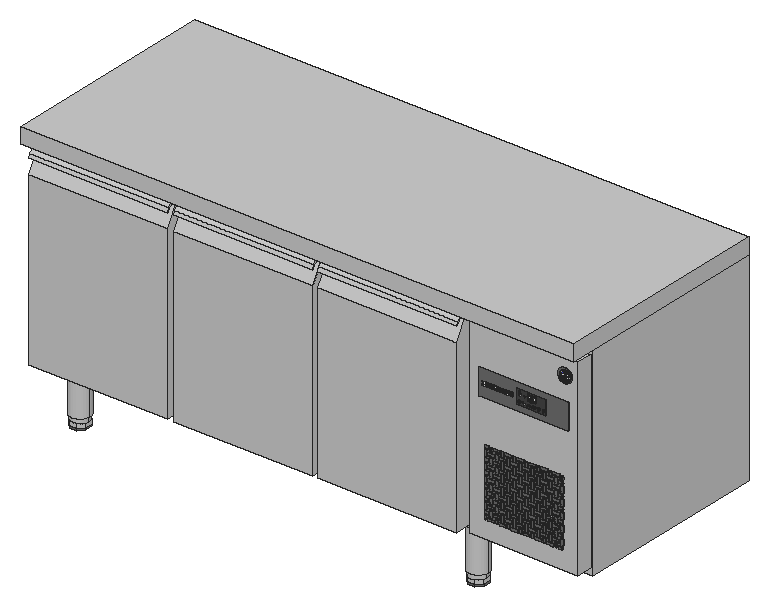
Revit family "QF_HOSHIZAKI_899020840", category Specialty Equipment, Revit 2016
Family settings
  Part Type = Normal
  Round Connector Dimension = Use Diameter
  OmniClass Number = 23.40.40.14
  OmniClass Title = Food Service Equipment
  Work Plane-Based = No
  Always vertical = Yes
  Cut with Voids When Loaded = No
  Shared = No
  Room Calculation Point = No
Parameters (values of type "899020840_230V-1Ph-50Hz")
  Weight = 128.00 kg
  Volts = 230 V
  URL Cutsheet = ""
  URL = "www.hoshizaki-europe.com"
  Status [instance] = ""
  Specification by User [instance] = ""
  Specification by Manufacturer [instance] = ""
  Serial Number = ""
  Seismic Rating = ""
  SMACNA No = ""
  Revision Code [instance] = ""
  Phase = 1
  Number of Poles = 2
  NAFEM Spec ID Number = ""
  Model = "ACF-180DG-LRR-RRC-L1"
  Min Ckt Ampacity = 0 A
  Max Overcurrent Protection = 0 A
  Masterspec = ""
  Manufacturer = "HOSHIZAKI"
  Length Actual = 1780 mm
  Item Number [instance] = ""
  Installed By [instance] = ""
  Identify Quantity as Lot [instance] = no
  Height Actual = 850 mm
  HP power = ""
  Furnished By [instance] = ""
  Foodservice Equipment Identifier [instance] = yes
  FL Amps = 2.77 A
  Electric power = 639 W
  Electric Connection Type [instance] = ""
  Elec Conn RI Height [instance] = 0 mm
  Elec Conn Connection Height [instance] = 300 mm
  Description = "ADVANCE 3-SECTION 1/1 GN FREEZER COUNTER WITH 3 DOORS AND A FLAT WORKTOP"
  Depth Actual = 700 mm
  Cycle = 50 Hz
  Cost = 0
  Conn Plug = ""
  Conn Conduit = no
  CSI MasterFormat = ""
  Assembly Code = "E1090320"
  Apparent Power = 639 VA
  Accessory = no
Reference planes
  plane 1 "Center (Front/Back)": y = 0
  plane 2: z = 0
  plane 3 "Center (Left/Right)": x = 0
Forms (mm)
  Extrusion 1, solid, not visible
    sketch origin (1499, -17, 499) x (1, 0, 0) y (0, 1, 0)
      loop
        line (0, 0) -> (2, 0) -> (2, 2) -> (0, 2) -> (0, 0)
    from 0 to 2
Dimensions and locks
  aligned and locked: level to plane 2
Nested families
  nested 1: "QF_HOSHIZAKI_899020840_230V_1Ph_50Hz" at (0, 0, 200), type "899020840_230V/1Ph/50Hz"
    with Show Logo yes, Length Actual 1780 mm, Height Actual 650 mm, Depth Actual 700 mm, Compressor offset 1424 mm, Compressor location 1
  nested 2: "QF_HOSHIZAKI_ADVANCE_REF-COUNTER-WORKTOPS" at (0, 0, 850), type "760660202"
    with Worktop thickness 50 mm, Length Actual 1780 mm, Depth Actual 700 mm, Backsplash thickness 20 mm, Backsplash height 100 mm
  nested 3: "QF_HOSHIZAKI_ADVANCE_REF-COUNTER-DOORS-DRAWERS" at (22, -700, 200), type "760660485-R"
    with Weight 0.00 kg, URL Cutsheet "", Status "", Specification by User "", Specification by Manufacturer "", Serial Number "", Seismic Rating "", Section size 446 mm, Section 1, SMACNA No "", Right hand hinged glass door no, Right hand hinged door no, Revision Code "", NAFEM Spec ID Number "", Masterspec "", Length Actual 0 mm, Left hand hinged glass door no, Left hand hinged door yes, Item Number "", Installed By "", Identify Quantity as Lot no, Height Actual 0 mm, Furnished By "", Foodservice Equipment Identifier no, Depth Actual 0 mm, CSI MasterFormat "", Accessory yes, 3 Drawers no, 2 Drawers 1-3 and 2-3 no, 2 Drawers no
  nested 4: "QF_HOSHIZAKI_ADVANCE_REF-COUNTER-DOORS-DRAWERS" at (488, -700, 200), type "760660485-R"
    with Weight 0.00 kg, URL Cutsheet "", Status "", Specification by User "", Specification by Manufacturer "", Serial Number "", Seismic Rating "", Section size 446 mm, Section 2, SMACNA No "", Right hand hinged glass door no, Right hand hinged door yes, Revision Code "", NAFEM Spec ID Number "", Masterspec "", Length Actual 0 mm, Left hand hinged glass door no, Left hand hinged door no, Item Number "", Installed By "", Identify Quantity as Lot no, Height Actual 0 mm, Furnished By "", Foodservice Equipment Identifier no, Depth Actual 0 mm, CSI MasterFormat "", Accessory yes, 3 Drawers no, 2 Drawers 1-3 and 2-3 no, 2 Drawers no
  nested 5: "QF_HOSHIZAKI_ADVANCE_REF-COUNTER-DOORS-DRAWERS" at (952, -700, 200), type "760660485-R"
    with Weight 0.00 kg, URL Cutsheet "", Status "", Specification by User "", Specification by Manufacturer "", Serial Number "", Seismic Rating "", Section size 446 mm, Section 2, SMACNA No "", Right hand hinged glass door no, Right hand hinged door yes, Revision Code "", NAFEM Spec ID Number "", Masterspec "", Length Actual 0 mm, Left hand hinged glass door no, Left hand hinged door no, Item Number "", Installed By "", Identify Quantity as Lot no, Height Actual 0 mm, Furnished By "", Foodservice Equipment Identifier no, Depth Actual 0 mm, CSI MasterFormat "", Accessory yes, 3 Drawers no, 2 Drawers 1-3 and 2-3 no, 2 Drawers no
  nested 6: "QF_HOSHIZAKI_ADVANCE_REF-COUNTER-LEGS" at (0, 0, 0), type "760660117-3"
    with Weight 0.00 kg, URL Cutsheet "", Status "", Specification by User "", Specification by Manufacturer "", Serial Number "", Seismic Rating "", SMACNA No "", Revision Code "", NAFEM Spec ID Number "", Masterspec "", Length Actual 1780 mm, Legs inset right 430 mm, Legs inset rear 70 mm, Legs inset left 70 mm, Legs inset front 153 mm, Item Number "", Installed By "", Identify Quantity as Lot no, Height Actual 200 mm, Furnished By "", Foodservice Equipment Identifier no, Depth Actual 700 mm, Central Legs no, CSI MasterFormat "", Accessory yes
Connectors
  electrical at (1500, -15, 500), driven by "Apparent Power", driven by "Number of Poles", driven by "Volts"
    settings: on Extrusion 1, index 1, voltage 230 V, apparent load 0 VA, apparent load phase1 639 VA, apparent load phase2 0 VA, apparent load phase3 0 VA, power factor 1, load classification "Other", number of poles 2, system type 31, power factor state 1, is connector primary yes, connector utility no, sub classification motor no, connector description "Electric connection for '899020840' [Plug not included]"
Definition of nested family "QF_HOSHIZAKI_899020840_230V_1Ph_50Hz"
  Parameters (values of type "899020840_230V/1Ph/50Hz")
    URL = "www.hoshizaki-europe.com"
    Show Logo [instance] = yes
    Model = "ACF-180DG-LRR-RRC-L1"
    Manufacturer = "HOSHIZAKI"
    Length Actual [instance] = 1780 mm
    Height Actual [instance] = 650 mm
    Description = "ADVANCE 3-SECTION 1/1 GN FREEZER COUNTER WITH 3 DOORS AND A FLAT WORKTOP"
    Depth Actual [instance] = 700 mm
    Compressor offset [instance] = if(Compressor location = 1, Length Actual - 356 mm, if(Compressor location = 2, 7 mm, Length Actual - 356 mm))  # 1424 mm
    Compressor location [instance] = 1
    Author = "SPECIFI"
    Assembly Code = "E1090320"
  Types (24, lengths in mm): name | Model | Length Actual | Description | Compressor offset
    899000840 | "ACF-130DG-LR-RRC-L1" | 1314 | "ADVANCE 2-SECTION 1/1 GN FREEZER COUNTER WITH 2 DOORS AND A FLAT WORKTOP" | 958
    899000844 | "ACF-130DG-LR-RRS-L1" | 1314 | "ADVANCE 2-SECTION 1/1 GN FREEZER COUNTER WITH 2 DOORS AND A FLAT WORKTOP WITH 100 MM SPLASHBACK" | 958
    899000861 | "ACF-130DG-LR-RRC-C1-U" | 1314 | "ADVANCE 2-SECTION 1/1 GN FREEZER COUNTER WITH 2 DOORS AND A FLAT WORKTOP" | 958
    899000865 | "ACF-130DG-LR-RRS-C1-U" | 1314 | "ADVANCE 2-SECTION 1/1 GN FREEZER COUNTER WITH 2 DOORS AND A FLAT WORKTOP WITH 100 MM SPLASHBACK" | 958
    899000842 | "ACF-130DG-LR-RRC-L2" | 1314 | "ADVANCE 2-SECTION 1/1 GN FREEZER COUNTER WITH 2 DOORS AND A FLAT WORKTOP" | 958
    899000846 | "ACF-130DG-LR-RRS-L2" | 1314 | "ADVANCE 2-SECTION 1/1 GN FREEZER COUNTER WITH 2 DOORS AND A FLAT WORKTOP WITH 100 MM SPLASHBACK" | 958
    899000822 | "ACF-130DG-LR-CRC-L2" | 1314 | "ADVANCE 2-SECTION 1/1 GN FREEZER COUNTER WITH 2 DOORS AND A FLAT WORKTOP" | 958
    899000826 | "ACF-130DG-LR-CRS-L2" | 1314 | "ADVANCE 2-SECTION 1/1 GN FREEZER COUNTER WITH 2 DOORS AND A FLAT WORKTOP WITH 100 MM SPLASHBACK" | 958
    899020840_230V/1Ph/50Hz | "ACF-180DG-LRR-RRC-L1" | 1780 | "ADVANCE 3-SECTION 1/1 GN FREEZER COUNTER WITH 3 DOORS AND A FLAT WORKTOP" | 1424
    899020844 | "ACF-180DG-LRR-RRS-L1" | 1780 | "ADVANCE 3-SECTION 1/1 GN FREEZER COUNTER WITH 3 DOORS AND A FLAT WORKTOP WITH 100 MM SPLASHBACK" | 1424
    899020861 | "ACF-180DG-LRR-RRC-C1-U" | 1780 | "ADVANCE 3-SECTION 1/1 GN FREEZER COUNTER WITH 3 DOORS AND A FLAT WORKTOP" | 1424
    899020865 | "ACF-180DG-LRR-RRS-C1-U" | 1780 | "ADVANCE 3-SECTION 1/1 GN FREEZER COUNTER WITH 3 DOORS AND A FLAT WORKTOP WITH 100 MM SPLASHBACK" | 1424
    899020842 | "ACF-180DG-LRR-RRC-L2" | 1780 | "ADVANCE 3-SECTION 1/1 GN FREEZER COUNTER WITH 3 DOORS AND A FLAT WORKTOP" | 1424
    899020846 | "ACF-180DG-LRR-RRS-L2" | 1780 | "ADVANCE 3-SECTION 1/1 GN FREEZER COUNTER WITH 3 DOORS AND A FLAT WORKTOP WITH 100 MM SPLASHBACK" | 1424
    899020823 | "ACF-180DG-LRR-CRC-L2" | 1780 | "ADVANCE 3-SECTION 1/1 GN FREEZER COUNTER WITH 3 DOORS AND A FLAT WORKTOP" | 1424
    899020827 | "ACF-180DG-LRR-CRS-L2" | 1780 | "ADVANCE 3-SECTION 1/1 GN FREEZER COUNTER WITH 3 DOORS AND A FLAT WORKTOP WITH 100 MM SPLASHBACK" | 1424
    899040840 | "ACF-225DG-LLRR-RRC-L1" | 2246 | "ADVANCE 4-SECTION 1/1 GN FREEZER COUNTER WITH 4 DOORS AND A FLAT WORKTOP" | 1890
    899040844 | "ACF-225DG-LLRR-RRS-L1" | 2246 | "ADVANCE 4-SECTION 1/1 GN FREEZER COUNTER WITH 4 DOORS AND A FLAT WORKTOP WITH 100 MM SPLASHBACK" | 1890
    899040861 | "ACF-225DG-LLRR-RRC-C1-U" | 2246 | "ADVANCE 4-SECTION 1/1 GN FREEZER COUNTER WITH 4 DOORS AND A FLAT WORKTOP" | 1890
    899040865 | "ACF-225DG-LLRR-RRS-C1-U" | 2246 | "ADVANCE 4-SECTION 1/1 GN FREEZER COUNTER WITH 4 DOORS AND A FLAT WORKTOP WITH 100 MM SPLASHBACK" | 1890
    899040842 | "ACF-225DG-LLRR-RRC-L2" | 2246 | "ADVANCE 4-SECTION 1/1 GN FREEZER COUNTER WITH 4 DOORS AND A FLAT WORKTOP" | 1890
    899040846 | "ACF-225DG-LLRR-RRS-L2" | 2246 | "ADVANCE 4-SECTION 1/1 GN FREEZER COUNTER WITH 4 DOORS AND A FLAT WORKTOP WITH 100 MM SPLASHBACK" | 1890
    899040822 | "ACF-225DG-LLRR-CRC-L2" | 2246 | "ADVANCE 4-SECTION 1/1 GN FREEZER COUNTER WITH 4 DOORS AND A FLAT WORKTOP" | 1890
    899040826 | "ACF-225DG-LLRR-CRS-L2" | 2246 | "ADVANCE 4-SECTION 1/1 GN FREEZER COUNTER WITH 4 DOORS AND A FLAT WORKTOP WITH 100 MM SPLASHBACK" | 1890
  Reference planes
    plane 1 "Back": y = 0
    plane 2: z = 0
    plane 3 "Left": x = 0
    plane 4 "Right": x = 1780
    plane 5 "Front": y = -700
    plane 6 "Top": z = 650
    plane 7 "Front legs": y = -624.512
    plane 8 "Compressor dimension": x = 1780
    plane 9 "Compressor offset": x = 1424
  Forms (mm)
    Extrusion 1, solid
      sketch origin (0, 0, 0) x (0, 1, 0) y (0, 0, 1)
        loop
          line (0, 650) -> (-624.512, 650) -> (-624.512, 0) -> (0, 0) -> (0, 650)
      from 0 to 1780
    Extrusion 2, solid
      sketch origin (1424, 0, 0) x (0, -1, 0) y (0, 0, 1)
        loop
          line (624.512, 634) -> (624.512, 20) -> (674.54, 20) -> (674.54, 634) -> (624.512, 634)
      from 0 to -349
  Lines and regions (mm)
    symbolic lines
      curve 1: line (0, 0, 650) -> (1780, 0, 650)
      curve 2: line (0, -700, 650) -> (0, 0, 650)
      curve 3: line (1780, -700, 650) -> (0, -700, 650)
      curve 4: line (1780, 0, 650) -> (1780, -700, 650)
  Dimensions and locks
    "Length Actual": plane 3 "Left" to plane 4 "Right"
    "Depth Actual": plane 5 "Front" to plane 1 "Back"
    plane 7 "Front legs" to plane 5 "Front" = 75.488 mm
    "Compressor offset": plane 3 "Left" to plane 9 "Compressor offset"
    locked: plane 9 "Compressor offset" to plane 8 "Compressor dimension" at 356
    plane 6 "Top" to level = 650 mm
    aligned and locked: level to plane 2
    aligned and locked: plane 1 "Back" to Extrusion 1 sketch curve
    aligned and locked: plane 7 "Front legs" to Extrusion 1 sketch curve
    aligned and locked: Extrusion 1 to plane 4 "Right"
    aligned and locked: plane 7 "Front legs" to Extrusion 2 sketch curve
    aligned and locked: nested 1 to plane 5 "Front"
    aligned and locked: nested 1 to plane 9 "Compressor offset"
    aligned and locked: Extrusion 1 sketch curve to plane 6 "Top"
    aligned and locked: plane 2 to Extrusion 1 sketch curve
    aligned and locked: plane 1 "Back" to curve 1
    aligned and locked: plane 5 "Front" to curve 3
    aligned and locked: plane 4 "Right" to curve 4
    aligned and locked: plane 3 "Left" to curve 2
  Automatic sketch dimensions
    plane 5 "Front" to Extrusion 2 sketch curve = 25.46 mm
    level to Extrusion 2 sketch curve = 20 mm
    Extrusion 2 sketch curve to plane 6 "Top" = 16 mm
  Nested families
    nested 1: "Control-panel" at (1424, -700, 0), Show Logo <- "Show Logo", type "Control-panel"
      with Show Logo yes
  Definition of nested family "Control-panel"
    Parameters (values of type "Control-panel")
      Show Logo [instance] = yes
    Reference planes
      plane 1 "Center (Front/Back)": y = 0
      plane 2: z = 0
      plane 3 "Center (Left/Right)": x = 0
      plane 4: z = 650
    Forms (mm)
      Extrusion 1, solid
        sketch origin (-3653, 19.5, -135) x (-1, 0, 0) y (0, 0, 1)
          loop
            arc (-3941, 426) -> (-3944.5, 422.5) -> (-3941, 419) r 3.5
            line (-3941, 419) -> (-3923, 419)
            arc (-3923, 419) -> (-3919.5, 422.5) -> (-3923, 426) r 3.5
            line (-3923, 426) -> (-3941, 426)
          loop
            arc (-3903, 426) -> (-3906.5, 422.5) -> (-3903, 419) r 3.5
            line (-3903, 419) -> (-3885, 419)
            arc (-3885, 419) -> (-3881.5, 422.5) -> (-3885, 426) r 3.5
            line (-3885, 426) -> (-3903, 426)
          loop
            arc (-3865, 426) -> (-3868.5, 422.5) -> (-3865, 419) r 3.5
            line (-3865, 419) -> (-3847, 419)
            arc (-3847, 419) -> (-3843.5, 422.5) -> (-3847, 426) r 3.5
            line (-3847, 426) -> (-3865, 426)
          loop
            arc (-3827, 426) -> (-3830.5, 422.5) -> (-3827, 419) r 3.5
            line (-3827, 419) -> (-3809, 419)
            arc (-3809, 419) -> (-3805.5, 422.5) -> (-3809, 426) r 3.5
            line (-3809, 426) -> (-3827, 426)
          loop
            arc (-3789, 426) -> (-3792.5, 422.5) -> (-3789, 419) r 3.5
            line (-3789, 419) -> (-3771, 419)
            arc (-3771, 419) -> (-3767.5, 422.5) -> (-3771, 426) r 3.5
            line (-3771, 426) -> (-3789, 426)
          loop
            arc (-3751, 426) -> (-3754.5, 422.5) -> (-3751, 419) r 3.5
            line (-3751, 419) -> (-3733, 419)
            arc (-3733, 419) -> (-3729.5, 422.5) -> (-3733, 426) r 3.5
            line (-3733, 426) -> (-3751, 426)
          loop
            arc (-3713, 426) -> (-3716.5, 422.5) -> (-3713, 419) r 3.5
            line (-3713, 419) -> (-3704, 419)
            arc (-3704, 419) -> (-3700.5, 422.5) -> (-3704, 426) r 3.5
            line (-3704, 426) -> (-3713, 426)
          loop
            arc (-3948, 422) -> (-3951, 425) -> (-3954, 422) r 3
            line (-3954, 422) -> (-3954, 413)
            arc (-3954, 413) -> (-3951, 410) -> (-3948, 413) r 3
            line (-3948, 413) -> (-3948, 422)
          loop
            line (-3938.025, 416.51) -> (-3945.025, 416.51) -> (-3945.025, 409.51) -> (-3938.025, 409.51) -> (-3938.025, 416.51)
          loop
            line (-3919.025, 416.51) -> (-3926.025, 416.51) -> (-3926.025, 409.51) -> (-3919.025, 409.51) -> (-3919.025, 416.51)
          loop
            arc (-3910, 422) -> (-3913, 425) -> (-3916, 422) r 3
            line (-3916, 422) -> (-3916, 413)
            arc (-3916, 413) -> (-3913, 410) -> (-3910, 413) r 3
            line (-3910, 413) -> (-3910, 422)
          loop
            line (-3900.025, 416.51) -> (-3907.025, 416.51) -> (-3907.025, 409.51) -> (-3900.025, 409.51) -> (-3900.025, 416.51)
          loop
            line (-3881.025, 416.51) -> (-3888.025, 416.51) -> (-3888.025, 409.51) -> (-3881.025, 409.51) -> (-3881.025, 416.51)
          loop
            arc (-3872, 422) -> (-3875, 425) -> (-3878, 422) r 3
            line (-3878, 422) -> (-3878, 413)
            arc (-3878, 413) -> (-3875, 410) -> (-3872, 413) r 3
            line (-3872, 413) -> (-3872, 422)
          loop
            line (-3862.025, 416.51) -> (-3869.025, 416.51) -> (-3869.025, 409.51) -> (-3862.025, 409.51) -> (-3862.025, 416.51)
          loop
            line (-3843.025, 416.51) -> (-3850.025, 416.51) -> (-3850.025, 409.51) -> (-3843.025, 409.51) -> (-3843.025, 416.51)
          loop
            arc (-3834, 422) -> (-3837, 425) -> (-3840, 422) r 3
            line (-3840, 422) -> (-3840, 413)
            arc (-3840, 413) -> (-3837, 410) -> (-3834, 413) r 3
            line (-3834, 413) -> (-3834, 422)
          loop
            line (-3824.025, 416.51) -> (-3831.025, 416.51) -> (-3831.025, 409.51) -> (-3824.025, 409.51) -> (-3824.025, 416.51)
          loop
            line (-3805.025, 416.51) -> (-3812.025, 416.51) -> (-3812.025, 409.51) -> (-3805.025, 409.51) -> (-3805.025, 416.51)
          loop
            arc (-3796, 422) -> (-3799, 425) -> (-3802, 422) r 3
            line (-3802, 422) -> (-3802, 413)
            arc (-3802, 413) -> (-3799, 410) -> (-3796, 413) r 3
            line (-3796, 413) -> (-3796, 422)
          loop
            line (-3786.025, 416.51) -> (-3793.025, 416.51) -> (-3793.025, 409.51) -> (-3786.025, 409.51) -> (-3786.025, 416.51)
          loop
            line (-3767.025, 416.51) -> (-3774.025, 416.51) -> (-3774.025, 409.51) -> (-3767.025, 409.51) -> (-3767.025, 416.51)
          loop
            arc (-3758, 422) -> (-3761, 425) -> (-3764, 422) r 3
            line (-3764, 422) -> (-3764, 413)
            arc (-3764, 413) -> (-3761, 410) -> (-3758, 413) r 3
            line (-3758, 413) -> (-3758, 422)
          loop
            line (-3748.025, 416.51) -> (-3755.025, 416.51) -> (-3755.025, 409.51) -> (-3748.025, 409.51) -> (-3748.025, 416.51)
          loop
            line (-3729.025, 416.51) -> (-3736.025, 416.51) -> (-3736.025, 409.51) -> (-3729.025, 409.51) -> (-3729.025, 416.51)
          loop
            arc (-3720, 422) -> (-3723, 425) -> (-3726, 422) r 3
            line (-3726, 422) -> (-3726, 413)
            arc (-3726, 413) -> (-3723, 410) -> (-3720, 413) r 3
            line (-3720, 413) -> (-3720, 422)
          loop
            line (-3710.025, 416.51) -> (-3717.025, 416.51) -> (-3717.025, 409.51) -> (-3710.025, 409.51) -> (-3710.025, 416.51)
          loop
            line (-3935.5, 412.5) -> (-3935.5, 394.5)
            arc (-3935.5, 394.5) -> (-3932, 391) -> (-3928.5, 394.5) r 3.5
            line (-3928.5, 394.5) -> (-3928.5, 412.5)
            arc (-3928.5, 412.5) -> (-3932, 416) -> (-3935.5, 412.5) r 3.5
          loop
            line (-3897.5, 412.5) -> (-3897.5, 394.5)
            arc (-3897.5, 394.5) -> (-3894, 391) -> (-3890.5, 394.5) r 3.5
            line (-3890.5, 394.5) -> (-3890.5, 412.5)
            arc (-3890.5, 412.5) -> (-3894, 416) -> (-3897.5, 412.5) r 3.5
          loop
            line (-3859.5, 412.5) -> (-3859.5, 394.5)
            arc (-3859.5, 394.5) -> (-3856, 391) -> (-3852.5, 394.5) r 3.5
            line (-3852.5, 394.5) -> (-3852.5, 412.5)
            arc (-3852.5, 412.5) -> (-3856, 416) -> (-3859.5, 412.5) r 3.5
          loop
            line (-3821.5, 412.5) -> (-3821.5, 394.5)
            arc (-3821.5, 394.5) -> (-3818, 391) -> (-3814.5, 394.5) r 3.5
            line (-3814.5, 394.5) -> (-3814.5, 412.5)
            arc (-3814.5, 412.5) -> (-3818, 416) -> (-3821.5, 412.5) r 3.5
          loop
            line (-3783.5, 412.5) -> (-3783.5, 394.5)
            arc (-3783.5, 394.5) -> (-3780, 391) -> (-3776.5, 394.5) r 3.5
            line (-3776.5, 394.5) -> (-3776.5, 412.5)
            arc (-3776.5, 412.5) -> (-3780, 416) -> (-3783.5, 412.5) r 3.5
          loop
            line (-3745.5, 412.5) -> (-3745.5, 394.5)
            arc (-3745.5, 394.5) -> (-3742, 391) -> (-3738.5, 394.5) r 3.5
            line (-3738.5, 394.5) -> (-3738.5, 412.5)
            arc (-3738.5, 412.5) -> (-3742, 416) -> (-3745.5, 412.5) r 3.5
          loop
            line (-3707.5, 412.5) -> (-3707.5, 394.5)
            arc (-3707.5, 394.5) -> (-3704, 391) -> (-3700.5, 394.5) r 3.5
            line (-3700.5, 394.5) -> (-3700.5, 412.5)
            arc (-3700.5, 412.5) -> (-3704, 416) -> (-3707.5, 412.5) r 3.5
          loop
            arc (-3922, 407) -> (-3925.5, 403.5) -> (-3922, 400) r 3.5
            line (-3922, 400) -> (-3904, 400)
            arc (-3904, 400) -> (-3900.5, 403.5) -> (-3904, 407) r 3.5
            line (-3904, 407) -> (-3922, 407)
          loop
            arc (-3884, 407) -> (-3887.5, 403.5) -> (-3884, 400) r 3.5
            line (-3884, 400) -> (-3866, 400)
            arc (-3866, 400) -> (-3862.5, 403.5) -> (-3866, 407) r 3.5
            line (-3866, 407) -> (-3884, 407)
          loop
            arc (-3846, 407) -> (-3849.5, 403.5) -> (-3846, 400) r 3.5
            line (-3846, 400) -> (-3828, 400)
            arc (-3828, 400) -> (-3824.5, 403.5) -> (-3828, 407) r 3.5
            line (-3828, 407) -> (-3846, 407)
          loop
            arc (-3808, 407) -> (-3811.5, 403.5) -> (-3808, 400) r 3.5
            line (-3808, 400) -> (-3790, 400)
            arc (-3790, 400) -> (-3786.5, 403.5) -> (-3790, 407) r 3.5
            line (-3790, 407) -> (-3808, 407)
          loop
            arc (-3770, 407) -> (-3773.5, 403.5) -> (-3770, 400) r 3.5
            line (-3770, 400) -> (-3752, 400)
            arc (-3752, 400) -> (-3748.5, 403.5) -> (-3752, 407) r 3.5
            line (-3752, 407) -> (-3770, 407)
          loop
            arc (-3732, 407) -> (-3735.5, 403.5) -> (-3732, 400) r 3.5
            line (-3732, 400) -> (-3714, 400)
            arc (-3714, 400) -> (-3710.5, 403.5) -> (-3714, 407) r 3.5
            line (-3714, 407) -> (-3732, 407)
          loop
            line (-3938.025, 390.49) -> (-3938.025, 397.49) -> (-3945.025, 397.49) -> (-3945.025, 390.49) -> (-3938.025, 390.49)
          loop
            line (-3919.025, 390.49) -> (-3919.025, 397.49) -> (-3926.025, 397.49) -> (-3926.025, 390.49) -> (-3919.025, 390.49)
          loop
            line (-3900.025, 390.49) -> (-3900.025, 397.49) -> (-3907.025, 397.49) -> (-3907.025, 390.49) -> (-3900.025, 390.49)
          loop
            line (-3881.025, 390.49) -> (-3881.025, 397.49) -> (-3888.025, 397.49) -> (-3888.025, 390.49) -> (-3881.025, 390.49)
          loop
            line (-3862.025, 390.49) -> (-3862.025, 397.49) -> (-3869.025, 397.49) -> (-3869.025, 390.49) -> (-3862.025, 390.49)
          loop
            line (-3843.025, 390.49) -> (-3843.025, 397.49) -> (-3850.025, 397.49) -> (-3850.025, 390.49) -> (-3843.025, 390.49)
          loop
            line (-3824.025, 390.49) -> (-3824.025, 397.49) -> (-3831.025, 397.49) -> (-3831.025, 390.49) -> (-3824.025, 390.49)
          loop
            line (-3805.025, 390.49) -> (-3805.025, 397.49) -> (-3812.025, 397.49) -> (-3812.025, 390.49) -> (-3805.025, 390.49)
          loop
            line (-3786.025, 390.49) -> (-3786.025, 397.49) -> (-3793.025, 397.49) -> (-3793.025, 390.49) -> (-3786.025, 390.49)
          loop
            line (-3767.025, 390.49) -> (-3767.025, 397.49) -> (-3774.025, 397.49) -> (-3774.025, 390.49) -> (-3767.025, 390.49)
          loop
            line (-3748.025, 390.49) -> (-3748.025, 397.49) -> (-3755.025, 397.49) -> (-3755.025, 390.49) -> (-3748.025, 390.49)
          loop
            line (-3729.025, 390.49) -> (-3729.025, 397.49) -> (-3736.025, 397.49) -> (-3736.025, 390.49) -> (-3729.025, 390.49)
          loop
            line (-3710.025, 390.49) -> (-3710.025, 397.49) -> (-3717.025, 397.49) -> (-3717.025, 390.49) -> (-3710.025, 390.49)
          loop
            arc (-3719.5, 393.5) -> (-3723, 397) -> (-3726.5, 393.5) r 3.5
            line (-3726.5, 393.5) -> (-3726.5, 375.5)
            arc (-3726.5, 375.5) -> (-3723, 372) -> (-3719.5, 375.5) r 3.5
            line (-3719.5, 375.5) -> (-3719.5, 393.5)
          loop
            arc (-3757.5, 393.5) -> (-3761, 397) -> (-3764.5, 393.5) r 3.5
            line (-3764.5, 393.5) -> (-3764.5, 375.5)
            arc (-3764.5, 375.5) -> (-3761, 372) -> (-3757.5, 375.5) r 3.5
            line (-3757.5, 375.5) -> (-3757.5, 393.5)
          loop
            arc (-3795.5, 393.5) -> (-3799, 397) -> (-3802.5, 393.5) r 3.5
            line (-3802.5, 393.5) -> (-3802.5, 375.5)
            arc (-3802.5, 375.5) -> (-3799, 372) -> (-3795.5, 375.5) r 3.5
            line (-3795.5, 375.5) -> (-3795.5, 393.5)
          loop
            arc (-3833.5, 393.5) -> (-3837, 397) -> (-3840.5, 393.5) r 3.5
            line (-3840.5, 393.5) -> (-3840.5, 375.5)
            arc (-3840.5, 375.5) -> (-3837, 372) -> (-3833.5, 375.5) r 3.5
            line (-3833.5, 375.5) -> (-3833.5, 393.5)
          loop
            arc (-3871.5, 393.5) -> (-3875, 397) -> (-3878.5, 393.5) r 3.5
            line (-3878.5, 393.5) -> (-3878.5, 375.5)
            arc (-3878.5, 375.5) -> (-3875, 372) -> (-3871.5, 375.5) r 3.5
            line (-3871.5, 375.5) -> (-3871.5, 393.5)
          loop
            arc (-3909.5, 393.5) -> (-3913, 397) -> (-3916.5, 393.5) r 3.5
            line (-3916.5, 393.5) -> (-3916.5, 375.5)
            arc (-3916.5, 375.5) -> (-3913, 372) -> (-3909.5, 375.5) r 3.5
            line (-3909.5, 375.5) -> (-3909.5, 393.5)
          loop
            arc (-3951, 406.5) -> (-3954, 403.5) -> (-3951, 400.5) r 3
            line (-3951, 400.5) -> (-3942, 400.5)
            arc (-3942, 400.5) -> (-3939, 403.5) -> (-3942, 406.5) r 3
            line (-3942, 406.5) -> (-3951, 406.5)
          loop
            arc (-3947.5, 393.5) -> (-3951, 397) -> (-3954.5, 393.5) r 3.5
            line (-3954.5, 393.5) -> (-3954.5, 375.5)
            arc (-3954.5, 375.5) -> (-3951, 372) -> (-3947.5, 375.5) r 3.5
            line (-3947.5, 375.5) -> (-3947.5, 393.5)
          loop
            arc (-3941, 388.51) -> (-3944.5, 385.01) -> (-3941, 381.51) r 3.5
            line (-3941, 381.51) -> (-3923, 381.51)
            arc (-3923, 381.51) -> (-3919.5, 385.01) -> (-3923, 388.51) r 3.5
            line (-3923, 388.51) -> (-3941, 388.51)
          loop
            arc (-3903, 388.51) -> (-3906.5, 385.01) -> (-3903, 381.51) r 3.5
            line (-3903, 381.51) -> (-3885, 381.51)
            arc (-3885, 381.51) -> (-3881.5, 385.01) -> (-3885, 388.51) r 3.5
            line (-3885, 388.51) -> (-3903, 388.51)
          loop
            arc (-3865, 388.51) -> (-3868.5, 385.01) -> (-3865, 381.51) r 3.5
            line (-3865, 381.51) -> (-3847, 381.51)
            arc (-3847, 381.51) -> (-3843.5, 385.01) -> (-3847, 388.51) r 3.5
            line (-3847, 388.51) -> (-3865, 388.51)
          loop
            arc (-3827, 388.51) -> (-3830.5, 385.01) -> (-3827, 381.51) r 3.5
            line (-3827, 381.51) -> (-3809, 381.51)
            arc (-3809, 381.51) -> (-3805.5, 385.01) -> (-3809, 388.51) r 3.5
            line (-3809, 388.51) -> (-3827, 388.51)
          loop
            arc (-3789, 388.51) -> (-3792.5, 385.01) -> (-3789, 381.51) r 3.5
            line (-3789, 381.51) -> (-3771, 381.51)
            arc (-3771, 381.51) -> (-3767.5, 385.01) -> (-3771, 388.51) r 3.5
            line (-3771, 388.51) -> (-3789, 388.51)
          loop
            arc (-3751, 388.51) -> (-3754.5, 385.01) -> (-3751, 381.51) r 3.5
            line (-3751, 381.51) -> (-3733, 381.51)
            arc (-3733, 381.51) -> (-3729.5, 385.01) -> (-3733, 388.51) r 3.5
            line (-3733, 388.51) -> (-3751, 388.51)
          loop
            arc (-3713, 388.51) -> (-3716.5, 385.01) -> (-3713, 381.51) r 3.5
            line (-3713, 381.51) -> (-3704, 381.51)
            arc (-3704, 381.51) -> (-3700.5, 385.01) -> (-3704, 388.51) r 3.5
            line (-3704, 388.51) -> (-3713, 388.51)
          loop
            line (-3938.025, 379.02) -> (-3945.025, 379.02) -> (-3945.025, 372.02) -> (-3938.025, 372.02) -> (-3938.025, 379.02)
          loop
            line (-3919.025, 379.02) -> (-3926.025, 379.02) -> (-3926.025, 372.02) -> (-3919.025, 372.02) -> (-3919.025, 379.02)
          loop
            line (-3900.025, 379.02) -> (-3907.025, 379.02) -> (-3907.025, 372.02) -> (-3900.025, 372.02) -> (-3900.025, 379.02)
          loop
            line (-3881.025, 379.02) -> (-3888.025, 379.02) -> (-3888.025, 372.02) -> (-3881.025, 372.02) -> (-3881.025, 379.02)
          loop
            line (-3862.025, 379.02) -> (-3869.025, 379.02) -> (-3869.025, 372.02) -> (-3862.025, 372.02) -> (-3862.025, 379.02)
          loop
            line (-3843.025, 379.02) -> (-3850.025, 379.02) -> (-3850.025, 372.02) -> (-3843.025, 372.02) -> (-3843.025, 379.02)
          loop
            line (-3824.025, 379.02) -> (-3831.025, 379.02) -> (-3831.025, 372.02) -> (-3824.025, 372.02) -> (-3824.025, 379.02)
          loop
            line (-3805.025, 379.02) -> (-3812.025, 379.02) -> (-3812.025, 372.02) -> (-3805.025, 372.02) -> (-3805.025, 379.02)
          loop
            line (-3786.025, 379.02) -> (-3793.025, 379.02) -> (-3793.025, 372.02) -> (-3786.025, 372.02) -> (-3786.025, 379.02)
          loop
            line (-3767.025, 379.02) -> (-3774.025, 379.02) -> (-3774.025, 372.02) -> (-3767.025, 372.02) -> (-3767.025, 379.02)
          loop
            line (-3748.025, 379.02) -> (-3755.025, 379.02) -> (-3755.025, 372.02) -> (-3748.025, 372.02) -> (-3748.025, 379.02)
          loop
            line (-3729.025, 379.02) -> (-3736.025, 379.02) -> (-3736.025, 372.02) -> (-3729.025, 372.02) -> (-3729.025, 379.02)
          loop
            line (-3710.025, 379.02) -> (-3717.025, 379.02) -> (-3717.025, 372.02) -> (-3710.025, 372.02) -> (-3710.025, 379.02)
          loop
            line (-3935.5, 375.01) -> (-3935.5, 357.01)
            arc (-3935.5, 357.01) -> (-3932, 353.51) -> (-3928.5, 357.01) r 3.5
            line (-3928.5, 357.01) -> (-3928.5, 375.01)
            arc (-3928.5, 375.01) -> (-3932, 378.51) -> (-3935.5, 375.01) r 3.5
          loop
            line (-3897.5, 375.01) -> (-3897.5, 357.01)
            arc (-3897.5, 357.01) -> (-3894, 353.51) -> (-3890.5, 357.01) r 3.5
            line (-3890.5, 357.01) -> (-3890.5, 375.01)
            arc (-3890.5, 375.01) -> (-3894, 378.51) -> (-3897.5, 375.01) r 3.5
          loop
            line (-3859.5, 375.01) -> (-3859.5, 357.01)
            arc (-3859.5, 357.01) -> (-3856, 353.51) -> (-3852.5, 357.01) r 3.5
            line (-3852.5, 357.01) -> (-3852.5, 375.01)
            arc (-3852.5, 375.01) -> (-3856, 378.51) -> (-3859.5, 375.01) r 3.5
          loop
            line (-3821.5, 375.01) -> (-3821.5, 357.01)
            arc (-3821.5, 357.01) -> (-3818, 353.51) -> (-3814.5, 357.01) r 3.5
            line (-3814.5, 357.01) -> (-3814.5, 375.01)
            arc (-3814.5, 375.01) -> (-3818, 378.51) -> (-3821.5, 375.01) r 3.5
          loop
            line (-3783.5, 375.01) -> (-3783.5, 357.01)
            arc (-3783.5, 357.01) -> (-3780, 353.51) -> (-3776.5, 357.01) r 3.5
            line (-3776.5, 357.01) -> (-3776.5, 375.01)
            arc (-3776.5, 375.01) -> (-3780, 378.51) -> (-3783.5, 375.01) r 3.5
          loop
            line (-3745.5, 375.01) -> (-3745.5, 357.01)
            arc (-3745.5, 357.01) -> (-3742, 353.51) -> (-3738.5, 357.01) r 3.5
            line (-3738.5, 357.01) -> (-3738.5, 375.01)
            arc (-3738.5, 375.01) -> (-3742, 378.51) -> (-3745.5, 375.01) r 3.5
          loop
            line (-3707.5, 375.01) -> (-3707.5, 357.01)
            arc (-3707.5, 357.01) -> (-3704, 353.51) -> (-3700.5, 357.01) r 3.5
            line (-3700.5, 357.01) -> (-3700.5, 375.01)
            arc (-3700.5, 375.01) -> (-3704, 378.51) -> (-3707.5, 375.01) r 3.5
          loop
            arc (-3922, 369.51) -> (-3925.5, 366.01) -> (-3922, 362.51) r 3.5
            line (-3922, 362.51) -> (-3904, 362.51)
            arc (-3904, 362.51) -> (-3900.5, 366.01) -> (-3904, 369.51) r 3.5
            line (-3904, 369.51) -> (-3922, 369.51)
          loop
            arc (-3884, 369.51) -> (-3887.5, 366.01) -> (-3884, 362.51) r 3.5
            line (-3884, 362.51) -> (-3866, 362.51)
            arc (-3866, 362.51) -> (-3862.5, 366.01) -> (-3866, 369.51) r 3.5
            line (-3866, 369.51) -> (-3884, 369.51)
          loop
            arc (-3846, 369.51) -> (-3849.5, 366.01) -> (-3846, 362.51) r 3.5
            line (-3846, 362.51) -> (-3828, 362.51)
            arc (-3828, 362.51) -> (-3824.5, 366.01) -> (-3828, 369.51) r 3.5
            line (-3828, 369.51) -> (-3846, 369.51)
          loop
            arc (-3808, 369.51) -> (-3811.5, 366.01) -> (-3808, 362.51) r 3.5
            line (-3808, 362.51) -> (-3790, 362.51)
            arc (-3790, 362.51) -> (-3786.5, 366.01) -> (-3790, 369.51) r 3.5
            line (-3790, 369.51) -> (-3808, 369.51)
          loop
            arc (-3770, 369.51) -> (-3773.5, 366.01) -> (-3770, 362.51) r 3.5
            line (-3770, 362.51) -> (-3752, 362.51)
            arc (-3752, 362.51) -> (-3748.5, 366.01) -> (-3752, 369.51) r 3.5
            line (-3752, 369.51) -> (-3770, 369.51)
          loop
            arc (-3732, 369.51) -> (-3735.5, 366.01) -> (-3732, 362.51) r 3.5
            line (-3732, 362.51) -> (-3714, 362.51)
            arc (-3714, 362.51) -> (-3710.5, 366.01) -> (-3714, 369.51) r 3.5
            line (-3714, 369.51) -> (-3732, 369.51)
          loop
            line (-3938.025, 353) -> (-3938.025, 360) -> (-3945.025, 360) -> (-3945.025, 353) -> (-3938.025, 353)
          loop
            line (-3919.025, 353) -> (-3919.025, 360) -> (-3926.025, 360) -> (-3926.025, 353) -> (-3919.025, 353)
          loop
            line (-3900.025, 353) -> (-3900.025, 360) -> (-3907.025, 360) -> (-3907.025, 353) -> (-3900.025, 353)
          loop
            line (-3881.025, 353) -> (-3881.025, 360) -> (-3888.025, 360) -> (-3888.025, 353) -> (-3881.025, 353)
          loop
            line (-3862.025, 353) -> (-3862.025, 360) -> (-3869.025, 360) -> (-3869.025, 353) -> (-3862.025, 353)
          loop
            line (-3843.025, 353) -> (-3843.025, 360) -> (-3850.025, 360) -> (-3850.025, 353) -> (-3843.025, 353)
          loop
            line (-3824.025, 353) -> (-3824.025, 360) -> (-3831.025, 360) -> (-3831.025, 353) -> (-3824.025, 353)
          loop
            line (-3805.025, 353) -> (-3805.025, 360) -> (-3812.025, 360) -> (-3812.025, 353) -> (-3805.025, 353)
          loop
            line (-3786.025, 353) -> (-3786.025, 360) -> (-3793.025, 360) -> (-3793.025, 353) -> (-3786.025, 353)
          loop
            line (-3767.025, 353) -> (-3767.025, 360) -> (-3774.025, 360) -> (-3774.025, 353) -> (-3767.025, 353)
          loop
            line (-3748.025, 353) -> (-3748.025, 360) -> (-3755.025, 360) -> (-3755.025, 353) -> (-3748.025, 353)
          loop
            line (-3729.025, 353) -> (-3729.025, 360) -> (-3736.025, 360) -> (-3736.025, 353) -> (-3729.025, 353)
          loop
            line (-3710.025, 353) -> (-3710.025, 360) -> (-3717.025, 360) -> (-3717.025, 353) -> (-3710.025, 353)
          loop
            arc (-3719.5, 356.01) -> (-3723, 359.51) -> (-3726.5, 356.01) r 3.5
            line (-3726.5, 356.01) -> (-3726.5, 338.01)
            arc (-3726.5, 338.01) -> (-3723, 334.51) -> (-3719.5, 338.01) r 3.5
            line (-3719.5, 338.01) -> (-3719.5, 356.01)
          loop
            arc (-3757.5, 356.01) -> (-3761, 359.51) -> (-3764.5, 356.01) r 3.5
            line (-3764.5, 356.01) -> (-3764.5, 338.01)
            arc (-3764.5, 338.01) -> (-3761, 334.51) -> (-3757.5, 338.01) r 3.5
            line (-3757.5, 338.01) -> (-3757.5, 356.01)
          loop
            arc (-3795.5, 356.01) -> (-3799, 359.51) -> (-3802.5, 356.01) r 3.5
            line (-3802.5, 356.01) -> (-3802.5, 338.01)
            arc (-3802.5, 338.01) -> (-3799, 334.51) -> (-3795.5, 338.01) r 3.5
            line (-3795.5, 338.01) -> (-3795.5, 356.01)
          loop
            arc (-3833.5, 356.01) -> (-3837, 359.51) -> (-3840.5, 356.01) r 3.5
            line (-3840.5, 356.01) -> (-3840.5, 338.01)
            arc (-3840.5, 338.01) -> (-3837, 334.51) -> (-3833.5, 338.01) r 3.5
            line (-3833.5, 338.01) -> (-3833.5, 356.01)
          loop
            arc (-3871.5, 356.01) -> (-3875, 359.51) -> (-3878.5, 356.01) r 3.5
            line (-3878.5, 356.01) -> (-3878.5, 338.01)
            arc (-3878.5, 338.01) -> (-3875, 334.51) -> (-3871.5, 338.01) r 3.5
            line (-3871.5, 338.01) -> (-3871.5, 356.01)
          loop
            arc (-3909.5, 356.01) -> (-3913, 359.51) -> (-3916.5, 356.01) r 3.5
            line (-3916.5, 356.01) -> (-3916.5, 338.01)
            arc (-3916.5, 338.01) -> (-3913, 334.51) -> (-3909.5, 338.01) r 3.5
            line (-3909.5, 338.01) -> (-3909.5, 356.01)
          loop
            arc (-3951, 369.01) -> (-3954, 366.01) -> (-3951, 363.01) r 3
            line (-3951, 363.01) -> (-3942, 363.01)
            arc (-3942, 363.01) -> (-3939, 366.01) -> (-3942, 369.01) r 3
            line (-3942, 369.01) -> (-3951, 369.01)
          loop
            arc (-3947.5, 356.01) -> (-3951, 359.51) -> (-3954.5, 356.01) r 3.5
            line (-3954.5, 356.01) -> (-3954.5, 338.01)
            arc (-3954.5, 338.01) -> (-3951, 334.51) -> (-3947.5, 338.01) r 3.5
            line (-3947.5, 338.01) -> (-3947.5, 356.01)
          loop
            arc (-3941, 350.486) -> (-3944.5, 346.986) -> (-3941, 343.486) r 3.5
            line (-3941, 343.486) -> (-3923, 343.486)
            arc (-3923, 343.486) -> (-3919.5, 346.986) -> (-3923, 350.486) r 3.5
            line (-3923, 350.486) -> (-3941, 350.486)
          loop
            arc (-3903, 350.486) -> (-3906.5, 346.986) -> (-3903, 343.486) r 3.5
            line (-3903, 343.486) -> (-3885, 343.486)
            arc (-3885, 343.486) -> (-3881.5, 346.986) -> (-3885, 350.486) r 3.5
            line (-3885, 350.486) -> (-3903, 350.486)
          loop
            arc (-3865, 350.486) -> (-3868.5, 346.986) -> (-3865, 343.486) r 3.5
            line (-3865, 343.486) -> (-3847, 343.486)
            arc (-3847, 343.486) -> (-3843.5, 346.986) -> (-3847, 350.486) r 3.5
            line (-3847, 350.486) -> (-3865, 350.486)
          loop
            arc (-3827, 350.486) -> (-3830.5, 346.986) -> (-3827, 343.486) r 3.5
            line (-3827, 343.486) -> (-3809, 343.486)
            arc (-3809, 343.486) -> (-3805.5, 346.986) -> (-3809, 350.486) r 3.5
            line (-3809, 350.486) -> (-3827, 350.486)
          loop
            arc (-3789, 350.486) -> (-3792.5, 346.986) -> (-3789, 343.486) r 3.5
            line (-3789, 343.486) -> (-3771, 343.486)
            arc (-3771, 343.486) -> (-3767.5, 346.986) -> (-3771, 350.486) r 3.5
            line (-3771, 350.486) -> (-3789, 350.486)
          loop
            arc (-3751, 350.486) -> (-3754.5, 346.986) -> (-3751, 343.486) r 3.5
            line (-3751, 343.486) -> (-3733, 343.486)
            arc (-3733, 343.486) -> (-3729.5, 346.986) -> (-3733, 350.486) r 3.5
            line (-3733, 350.486) -> (-3751, 350.486)
          loop
            arc (-3713, 350.486) -> (-3716.5, 346.986) -> (-3713, 343.486) r 3.5
            line (-3713, 343.486) -> (-3704, 343.486)
            arc (-3704, 343.486) -> (-3700.5, 346.986) -> (-3704, 350.486) r 3.5
            line (-3704, 350.486) -> (-3713, 350.486)
          loop
            line (-3938.025, 340.996) -> (-3945.025, 340.996) -> (-3945.025, 333.996) -> (-3938.025, 333.996) -> (-3938.025, 340.996)
          loop
            line (-3919.025, 340.996) -> (-3926.025, 340.996) -> (-3926.025, 333.996) -> (-3919.025, 333.996) -> (-3919.025, 340.996)
          loop
            line (-3900.025, 340.996) -> (-3907.025, 340.996) -> (-3907.025, 333.996) -> (-3900.025, 333.996) -> (-3900.025, 340.996)
          loop
            line (-3881.025, 340.996) -> (-3888.025, 340.996) -> (-3888.025, 333.996) -> (-3881.025, 333.996) -> (-3881.025, 340.996)
          loop
            line (-3862.025, 340.996) -> (-3869.025, 340.996) -> (-3869.025, 333.996) -> (-3862.025, 333.996) -> (-3862.025, 340.996)
          loop
            line (-3843.025, 340.996) -> (-3850.025, 340.996) -> (-3850.025, 333.996) -> (-3843.025, 333.996) -> (-3843.025, 340.996)
          loop
            line (-3824.025, 340.996) -> (-3831.025, 340.996) -> (-3831.025, 333.996) -> (-3824.025, 333.996) -> (-3824.025, 340.996)
          loop
            line (-3805.025, 340.996) -> (-3812.025, 340.996) -> (-3812.025, 333.996) -> (-3805.025, 333.996) -> (-3805.025, 340.996)
          loop
            line (-3786.025, 340.996) -> (-3793.025, 340.996) -> (-3793.025, 333.996) -> (-3786.025, 333.996) -> (-3786.025, 340.996)
          loop
            line (-3767.025, 340.996) -> (-3774.025, 340.996) -> (-3774.025, 333.996) -> (-3767.025, 333.996) -> (-3767.025, 340.996)
          loop
            line (-3748.025, 340.996) -> (-3755.025, 340.996) -> (-3755.025, 333.996) -> (-3748.025, 333.996) -> (-3748.025, 340.996)
          loop
            line (-3729.025, 340.996) -> (-3736.025, 340.996) -> (-3736.025, 333.996) -> (-3729.025, 333.996) -> (-3729.025, 340.996)
          loop
            line (-3710.025, 340.996) -> (-3717.025, 340.996) -> (-3717.025, 333.996) -> (-3710.025, 333.996) -> (-3710.025, 340.996)
          loop
            line (-3935.5, 336.986) -> (-3935.5, 318.986)
            arc (-3935.5, 318.986) -> (-3932, 315.486) -> (-3928.5, 318.986) r 3.5
            line (-3928.5, 318.986) -> (-3928.5, 336.986)
            arc (-3928.5, 336.986) -> (-3932, 340.486) -> (-3935.5, 336.986) r 3.5
          loop
            line (-3897.5, 336.986) -> (-3897.5, 318.986)
            arc (-3897.5, 318.986) -> (-3894, 315.486) -> (-3890.5, 318.986) r 3.5
            line (-3890.5, 318.986) -> (-3890.5, 336.986)
            arc (-3890.5, 336.986) -> (-3894, 340.486) -> (-3897.5, 336.986) r 3.5
          loop
            line (-3859.5, 336.986) -> (-3859.5, 318.986)
            arc (-3859.5, 318.986) -> (-3856, 315.486) -> (-3852.5, 318.986) r 3.5
            line (-3852.5, 318.986) -> (-3852.5, 336.986)
            arc (-3852.5, 336.986) -> (-3856, 340.486) -> (-3859.5, 336.986) r 3.5
          loop
            line (-3821.5, 336.986) -> (-3821.5, 318.986)
            arc (-3821.5, 318.986) -> (-3818, 315.486) -> (-3814.5, 318.986) r 3.5
            line (-3814.5, 318.986) -> (-3814.5, 336.986)
            arc (-3814.5, 336.986) -> (-3818, 340.486) -> (-3821.5, 336.986) r 3.5
          loop
            line (-3783.5, 336.986) -> (-3783.5, 318.986)
            arc (-3783.5, 318.986) -> (-3780, 315.486) -> (-3776.5, 318.986) r 3.5
            line (-3776.5, 318.986) -> (-3776.5, 336.986)
            arc (-3776.5, 336.986) -> (-3780, 340.486) -> (-3783.5, 336.986) r 3.5
          loop
            line (-3745.5, 336.986) -> (-3745.5, 318.986)
            arc (-3745.5, 318.986) -> (-3742, 315.486) -> (-3738.5, 318.986) r 3.5
            line (-3738.5, 318.986) -> (-3738.5, 336.986)
            arc (-3738.5, 336.986) -> (-3742, 340.486) -> (-3745.5, 336.986) r 3.5
          loop
            line (-3707.5, 336.986) -> (-3707.5, 318.986)
            arc (-3707.5, 318.986) -> (-3704, 315.486) -> (-3700.5, 318.986) r 3.5
            line (-3700.5, 318.986) -> (-3700.5, 336.986)
            arc (-3700.5, 336.986) -> (-3704, 340.486) -> (-3707.5, 336.986) r 3.5
          loop
            arc (-3922, 331.486) -> (-3925.5, 327.986) -> (-3922, 324.486) r 3.5
            line (-3922, 324.486) -> (-3904, 324.486)
            arc (-3904, 324.486) -> (-3900.5, 327.986) -> (-3904, 331.486) r 3.5
            line (-3904, 331.486) -> (-3922, 331.486)
          loop
            arc (-3884, 331.486) -> (-3887.5, 327.986) -> (-3884, 324.486) r 3.5
            line (-3884, 324.486) -> (-3866, 324.486)
            arc (-3866, 324.486) -> (-3862.5, 327.986) -> (-3866, 331.486) r 3.5
            line (-3866, 331.486) -> (-3884, 331.486)
          loop
            arc (-3846, 331.486) -> (-3849.5, 327.986) -> (-3846, 324.486) r 3.5
            line (-3846, 324.486) -> (-3828, 324.486)
            arc (-3828, 324.486) -> (-3824.5, 327.986) -> (-3828, 331.486) r 3.5
            line (-3828, 331.486) -> (-3846, 331.486)
          loop
            arc (-3808, 331.486) -> (-3811.5, 327.986) -> (-3808, 324.486) r 3.5
            line (-3808, 324.486) -> (-3790, 324.486)
            arc (-3790, 324.486) -> (-3786.5, 327.986) -> (-3790, 331.486) r 3.5
            line (-3790, 331.486) -> (-3808, 331.486)
          loop
            arc (-3770, 331.486) -> (-3773.5, 327.986) -> (-3770, 324.486) r 3.5
            line (-3770, 324.486) -> (-3752, 324.486)
            arc (-3752, 324.486) -> (-3748.5, 327.986) -> (-3752, 331.486) r 3.5
            line (-3752, 331.486) -> (-3770, 331.486)
          loop
            arc (-3732, 331.486) -> (-3735.5, 327.986) -> (-3732, 324.486) r 3.5
            line (-3732, 324.486) -> (-3714, 324.486)
            arc (-3714, 324.486) -> (-3710.5, 327.986) -> (-3714, 331.486) r 3.5
            line (-3714, 331.486) -> (-3732, 331.486)
          loop
            line (-3938.025, 314.976) -> (-3938.025, 321.976) -> (-3945.025, 321.976) -> (-3945.025, 314.976) -> (-3938.025, 314.976)
          loop
            line (-3919.025, 314.976) -> (-3919.025, 321.976) -> (-3926.025, 321.976) -> (-3926.025, 314.976) -> (-3919.025, 314.976)
          loop
            line (-3900.025, 314.976) -> (-3900.025, 321.976) -> (-3907.025, 321.976) -> (-3907.025, 314.976) -> (-3900.025, 314.976)
          loop
            line (-3881.025, 314.976) -> (-3881.025, 321.976) -> (-3888.025, 321.976) -> (-3888.025, 314.976) -> (-3881.025, 314.976)
          loop
            line (-3862.025, 314.976) -> (-3862.025, 321.976) -> (-3869.025, 321.976) -> (-3869.025, 314.976) -> (-3862.025, 314.976)
          loop
            line (-3843.025, 314.976) -> (-3843.025, 321.976) -> (-3850.025, 321.976) -> (-3850.025, 314.976) -> (-3843.025, 314.976)
          loop
            line (-3824.025, 314.976) -> (-3824.025, 321.976) -> (-3831.025, 321.976) -> (-3831.025, 314.976) -> (-3824.025, 314.976)
          loop
            line (-3805.025, 314.976) -> (-3805.025, 321.976) -> (-3812.025, 321.976) -> (-3812.025, 314.976) -> (-3805.025, 314.976)
          loop
            line (-3786.025, 314.976) -> (-3786.025, 321.976) -> (-3793.025, 321.976) -> (-3793.025, 314.976) -> (-3786.025, 314.976)
          loop
            line (-3767.025, 314.976) -> (-3767.025, 321.976) -> (-3774.025, 321.976) -> (-3774.025, 314.976) -> (-3767.025, 314.976)
          loop
            line (-3748.025, 314.976) -> (-3748.025, 321.976) -> (-3755.025, 321.976) -> (-3755.025, 314.976) -> (-3748.025, 314.976)
          loop
            line (-3729.025, 314.976) -> (-3729.025, 321.976) -> (-3736.025, 321.976) -> (-3736.025, 314.976) -> (-3729.025, 314.976)
          loop
            line (-3710.025, 314.976) -> (-3710.025, 321.976) -> (-3717.025, 321.976) -> (-3717.025, 314.976) -> (-3710.025, 314.976)
          loop
            arc (-3719.5, 317.986) -> (-3723, 321.486) -> (-3726.5, 317.986) r 3.5
            line (-3726.5, 317.986) -> (-3726.5, 299.986)
            arc (-3726.5, 299.986) -> (-3723, 296.486) -> (-3719.5, 299.986) r 3.5
            line (-3719.5, 299.986) -> (-3719.5, 317.986)
          loop
            arc (-3757.5, 317.986) -> (-3761, 321.486) -> (-3764.5, 317.986) r 3.5
            line (-3764.5, 317.986) -> (-3764.5, 299.986)
            arc (-3764.5, 299.986) -> (-3761, 296.486) -> (-3757.5, 299.986) r 3.5
            line (-3757.5, 299.986) -> (-3757.5, 317.986)
          loop
            arc (-3795.5, 317.986) -> (-3799, 321.486) -> (-3802.5, 317.986) r 3.5
            line (-3802.5, 317.986) -> (-3802.5, 299.986)
            arc (-3802.5, 299.986) -> (-3799, 296.486) -> (-3795.5, 299.986) r 3.5
            line (-3795.5, 299.986) -> (-3795.5, 317.986)
          loop
            arc (-3833.5, 317.986) -> (-3837, 321.486) -> (-3840.5, 317.986) r 3.5
            line (-3840.5, 317.986) -> (-3840.5, 299.986)
            arc (-3840.5, 299.986) -> (-3837, 296.486) -> (-3833.5, 299.986) r 3.5
            line (-3833.5, 299.986) -> (-3833.5, 317.986)
          loop
            arc (-3871.5, 317.986) -> (-3875, 321.486) -> (-3878.5, 317.986) r 3.5
            line (-3878.5, 317.986) -> (-3878.5, 299.986)
            arc (-3878.5, 299.986) -> (-3875, 296.486) -> (-3871.5, 299.986) r 3.5
            line (-3871.5, 299.986) -> (-3871.5, 317.986)
          loop
            arc (-3909.5, 317.986) -> (-3913, 321.486) -> (-3916.5, 317.986) r 3.5
            line (-3916.5, 317.986) -> (-3916.5, 299.986)
            arc (-3916.5, 299.986) -> (-3913, 296.486) -> (-3909.5, 299.986) r 3.5
            line (-3909.5, 299.986) -> (-3909.5, 317.986)
          loop
            arc (-3951, 330.986) -> (-3954, 327.986) -> (-3951, 324.986) r 3
            line (-3951, 324.986) -> (-3942, 324.986)
            arc (-3942, 324.986) -> (-3939, 327.986) -> (-3942, 330.986) r 3
            line (-3942, 330.986) -> (-3951, 330.986)
          loop
            arc (-3947.5, 317.986) -> (-3951, 321.486) -> (-3954.5, 317.986) r 3.5
            line (-3954.5, 317.986) -> (-3954.5, 299.986)
            arc (-3954.5, 299.986) -> (-3951, 296.486) -> (-3947.5, 299.986) r 3.5
            line (-3947.5, 299.986) -> (-3947.5, 317.986)
          loop
            arc (-3941, 312.486) -> (-3944.5, 308.986) -> (-3941, 305.486) r 3.5
            line (-3941, 305.486) -> (-3923, 305.486)
            arc (-3923, 305.486) -> (-3919.5, 308.986) -> (-3923, 312.486) r 3.5
            line (-3923, 312.486) -> (-3941, 312.486)
          loop
            arc (-3903, 312.486) -> (-3906.5, 308.986) -> (-3903, 305.486) r 3.5
            line (-3903, 305.486) -> (-3885, 305.486)
            arc (-3885, 305.486) -> (-3881.5, 308.986) -> (-3885, 312.486) r 3.5
            line (-3885, 312.486) -> (-3903, 312.486)
          loop
            arc (-3865, 312.486) -> (-3868.5, 308.986) -> (-3865, 305.486) r 3.5
            line (-3865, 305.486) -> (-3847, 305.486)
            arc (-3847, 305.486) -> (-3843.5, 308.986) -> (-3847, 312.486) r 3.5
            line (-3847, 312.486) -> (-3865, 312.486)
          loop
            arc (-3827, 312.486) -> (-3830.5, 308.986) -> (-3827, 305.486) r 3.5
            line (-3827, 305.486) -> (-3809, 305.486)
            arc (-3809, 305.486) -> (-3805.5, 308.986) -> (-3809, 312.486) r 3.5
            line (-3809, 312.486) -> (-3827, 312.486)
          loop
            arc (-3789, 312.486) -> (-3792.5, 308.986) -> (-3789, 305.486) r 3.5
            line (-3789, 305.486) -> (-3771, 305.486)
            arc (-3771, 305.486) -> (-3767.5, 308.986) -> (-3771, 312.486) r 3.5
            line (-3771, 312.486) -> (-3789, 312.486)
          loop
            arc (-3751, 312.486) -> (-3754.5, 308.986) -> (-3751, 305.486) r 3.5
            line (-3751, 305.486) -> (-3733, 305.486)
            arc (-3733, 305.486) -> (-3729.5, 308.986) -> (-3733, 312.486) r 3.5
            line (-3733, 312.486) -> (-3751, 312.486)
          loop
            arc (-3713, 312.486) -> (-3716.5, 308.986) -> (-3713, 305.486) r 3.5
            line (-3713, 305.486) -> (-3704, 305.486)
            arc (-3704, 305.486) -> (-3700.5, 308.986) -> (-3704, 312.486) r 3.5
            line (-3704, 312.486) -> (-3713, 312.486)
          loop
            line (-3938.025, 302.996) -> (-3945.025, 302.996) -> (-3945.025, 295.996) -> (-3938.025, 295.996) -> (-3938.025, 302.996)
          loop
            line (-3919.025, 302.996) -> (-3926.025, 302.996) -> (-3926.025, 295.996) -> (-3919.025, 295.996) -> (-3919.025, 302.996)
          loop
            line (-3900.025, 302.996) -> (-3907.025, 302.996) -> (-3907.025, 295.996) -> (-3900.025, 295.996) -> (-3900.025, 302.996)
          loop
            line (-3881.025, 302.996) -> (-3888.025, 302.996) -> (-3888.025, 295.996) -> (-3881.025, 295.996) -> (-3881.025, 302.996)
          loop
            line (-3862.025, 302.996) -> (-3869.025, 302.996) -> (-3869.025, 295.996) -> (-3862.025, 295.996) -> (-3862.025, 302.996)
          loop
            line (-3843.025, 302.996) -> (-3850.025, 302.996) -> (-3850.025, 295.996) -> (-3843.025, 295.996) -> (-3843.025, 302.996)
          loop
            line (-3824.025, 302.996) -> (-3831.025, 302.996) -> (-3831.025, 295.996) -> (-3824.025, 295.996) -> (-3824.025, 302.996)
          loop
            line (-3805.025, 302.996) -> (-3812.025, 302.996) -> (-3812.025, 295.996) -> (-3805.025, 295.996) -> (-3805.025, 302.996)
          loop
            line (-3786.025, 302.996) -> (-3793.025, 302.996) -> (-3793.025, 295.996) -> (-3786.025, 295.996) -> (-3786.025, 302.996)
          loop
            line (-3767.025, 302.996) -> (-3774.025, 302.996) -> (-3774.025, 295.996) -> (-3767.025, 295.996) -> (-3767.025, 302.996)
          loop
            line (-3748.025, 302.996) -> (-3755.025, 302.996) -> (-3755.025, 295.996) -> (-3748.025, 295.996) -> (-3748.025, 302.996)
          loop
            line (-3729.025, 302.996) -> (-3736.025, 302.996) -> (-3736.025, 295.996) -> (-3729.025, 295.996) -> (-3729.025, 302.996)
          loop
            line (-3710.025, 302.996) -> (-3717.025, 302.996) -> (-3717.025, 295.996) -> (-3710.025, 295.996) -> (-3710.025, 302.996)
          loop
            line (-3935.5, 298.986) -> (-3935.5, 280.986)
            arc (-3935.5, 280.986) -> (-3932, 277.486) -> (-3928.5, 280.986) r 3.5
            line (-3928.5, 280.986) -> (-3928.5, 298.986)
            arc (-3928.5, 298.986) -> (-3932, 302.486) -> (-3935.5, 298.986) r 3.5
          loop
            line (-3897.5, 298.986) -> (-3897.5, 280.986)
            arc (-3897.5, 280.986) -> (-3894, 277.486) -> (-3890.5, 280.986) r 3.5
            line (-3890.5, 280.986) -> (-3890.5, 298.986)
            arc (-3890.5, 298.986) -> (-3894, 302.486) -> (-3897.5, 298.986) r 3.5
          loop
            line (-3859.5, 298.986) -> (-3859.5, 280.986)
            arc (-3859.5, 280.986) -> (-3856, 277.486) -> (-3852.5, 280.986) r 3.5
            line (-3852.5, 280.986) -> (-3852.5, 298.986)
            arc (-3852.5, 298.986) -> (-3856, 302.486) -> (-3859.5, 298.986) r 3.5
          loop
            line (-3821.5, 298.986) -> (-3821.5, 280.986)
            arc (-3821.5, 280.986) -> (-3818, 277.486) -> (-3814.5, 280.986) r 3.5
            line (-3814.5, 280.986) -> (-3814.5, 298.986)
            arc (-3814.5, 298.986) -> (-3818, 302.486) -> (-3821.5, 298.986) r 3.5
          loop
            line (-3783.5, 298.986) -> (-3783.5, 280.986)
            arc (-3783.5, 280.986) -> (-3780, 277.486) -> (-3776.5, 280.986) r 3.5
            line (-3776.5, 280.986) -> (-3776.5, 298.986)
            arc (-3776.5, 298.986) -> (-3780, 302.486) -> (-3783.5, 298.986) r 3.5
          loop
            line (-3745.5, 298.986) -> (-3745.5, 280.986)
            arc (-3745.5, 280.986) -> (-3742, 277.486) -> (-3738.5, 280.986) r 3.5
            line (-3738.5, 280.986) -> (-3738.5, 298.986)
            arc (-3738.5, 298.986) -> (-3742, 302.486) -> (-3745.5, 298.986) r 3.5
          loop
            line (-3707.5, 298.986) -> (-3707.5, 280.986)
            arc (-3707.5, 280.986) -> (-3704, 277.486) -> (-3700.5, 280.986) r 3.5
            line (-3700.5, 280.986) -> (-3700.5, 298.986)
            arc (-3700.5, 298.986) -> (-3704, 302.486) -> (-3707.5, 298.986) r 3.5
          loop
            arc (-3922, 293.486) -> (-3925.5, 289.986) -> (-3922, 286.486) r 3.5
            line (-3922, 286.486) -> (-3904, 286.486)
            arc (-3904, 286.486) -> (-3900.5, 289.986) -> (-3904, 293.486) r 3.5
            line (-3904, 293.486) -> (-3922, 293.486)
          loop
            arc (-3884, 293.486) -> (-3887.5, 289.986) -> (-3884, 286.486) r 3.5
            line (-3884, 286.486) -> (-3866, 286.486)
            arc (-3866, 286.486) -> (-3862.5, 289.986) -> (-3866, 293.486) r 3.5
            line (-3866, 293.486) -> (-3884, 293.486)
          loop
            arc (-3846, 293.486) -> (-3849.5, 289.986) -> (-3846, 286.486) r 3.5
            line (-3846, 286.486) -> (-3828, 286.486)
            arc (-3828, 286.486) -> (-3824.5, 289.986) -> (-3828, 293.486) r 3.5
            line (-3828, 293.486) -> (-3846, 293.486)
          loop
            arc (-3808, 293.486) -> (-3811.5, 289.986) -> (-3808, 286.486) r 3.5
            line (-3808, 286.486) -> (-3790, 286.486)
            arc (-3790, 286.486) -> (-3786.5, 289.986) -> (-3790, 293.486) r 3.5
            line (-3790, 293.486) -> (-3808, 293.486)
          loop
            arc (-3770, 293.486) -> (-3773.5, 289.986) -> (-3770, 286.486) r 3.5
            line (-3770, 286.486) -> (-3752, 286.486)
            arc (-3752, 286.486) -> (-3748.5, 289.986) -> (-3752, 293.486) r 3.5
            line (-3752, 293.486) -> (-3770, 293.486)
          loop
            arc (-3732, 293.486) -> (-3735.5, 289.986) -> (-3732, 286.486) r 3.5
            line (-3732, 286.486) -> (-3714, 286.486)
            arc (-3714, 286.486) -> (-3710.5, 289.986) -> (-3714, 293.486) r 3.5
            line (-3714, 293.486) -> (-3732, 293.486)
          loop
            line (-3938.025, 276.976) -> (-3938.025, 283.976) -> (-3945.025, 283.976) -> (-3945.025, 276.976) -> (-3938.025, 276.976)
          loop
            line (-3919.025, 276.976) -> (-3919.025, 283.976) -> (-3926.025, 283.976) -> (-3926.025, 276.976) -> (-3919.025, 276.976)
          loop
            line (-3900.025, 276.976) -> (-3900.025, 283.976) -> (-3907.025, 283.976) -> (-3907.025, 276.976) -> (-3900.025, 276.976)
          loop
            line (-3881.025, 276.976) -> (-3881.025, 283.976) -> (-3888.025, 283.976) -> (-3888.025, 276.976) -> (-3881.025, 276.976)
          loop
            line (-3862.025, 276.976) -> (-3862.025, 283.976) -> (-3869.025, 283.976) -> (-3869.025, 276.976) -> (-3862.025, 276.976)
          loop
            line (-3843.025, 276.976) -> (-3843.025, 283.976) -> (-3850.025, 283.976) -> (-3850.025, 276.976) -> (-3843.025, 276.976)
          loop
            line (-3824.025, 276.976) -> (-3824.025, 283.976) -> (-3831.025, 283.976) -> (-3831.025, 276.976) -> (-3824.025, 276.976)
